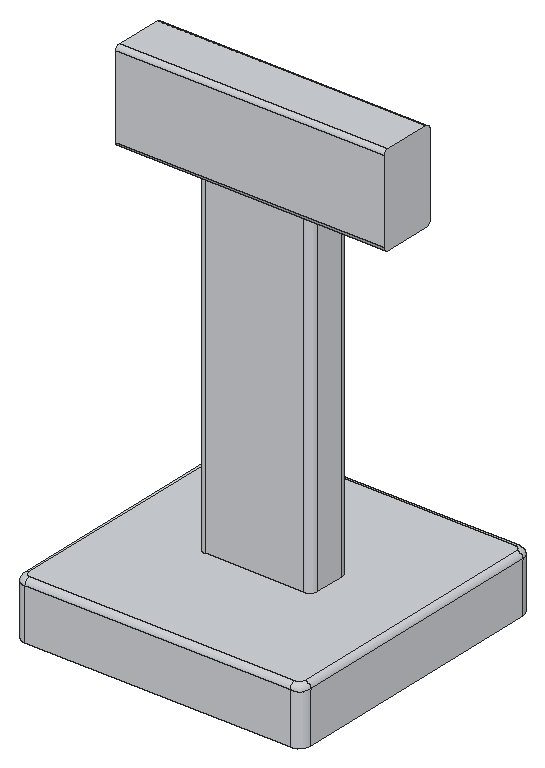
Revit family "Accessory-Robe_Hook-KOHLER-Square-K-23290", category Specialty Equipment, host Face, Revit 2017
Family settings
  Host = Face
  Round Connector Dimension = Use Diameter
  Part Type = Normal
  OmniClass Number = 23.31.25.27
  OmniClass Title = Robe Hooks
  Cut with Voids When Loaded = No
  Shared = No
  Room Calculation Point = No
Parameters (values of type "CP-Polished Chrome")
  Width = 2"  # constant formula
  WaterSense Certified = 1 = 0  # no
  URL = "https://www.us.kohler.com/us/"
  Type = 1
  Product Page URL = "http://www.us.kohler.com/us/catalog/productDetails.jsp?productId=23290"
  Product Name = "Square"  # constant formula
  Product Documentation Link = "https://www.us.kohler.com/webassets/kpna/catalog/pdf/en/K-23290_spec_US-CA_Kohler_en.pdf"
  Model = if(Type = 1, "K-23290-CP", if(Type = 2, "K-23290-BN", "NA"))  # "K-23290-CP"
  Material = "Premium Metal Construction"  # constant formula
  Master Format 2014 Name = "Toilet, Bath, and Laundry Accessories"  # constant formula
  Master Format 2014 = "10 28 00"  # constant formula
  Manufacturer Address = "444 Highland Dr, Kohler, WI 53044"  # constant formula
  Manufacturer = "KOHLER Co."  # constant formula
  Length = 3 3/8"  # constant formula
  Height = 2"  # constant formula
  Finish = Kohler-Metal-CP-Polished_Chrome
  Environmental Product Declaration = ""
  Description = "robe hook"  # constant formula
  Default Elevation = 42"
  Declare Label = ""
  Date Modified = "06/10/2020"  # constant formula
  Date Created = "06/10/2020"  # constant formula
  Copyright = "Copyright KOHLER Co."  # constant formula
  Contact Us = "https://www.us.kohler.com/us/static/contact.jsp"
  Assembly Code = "C1030200"
  ADA Compliant = 1 = 0  # no
Types (3): name | Type | Model | Finish
  (no name) | 1 | "K-23290-CP" | Kohler-Metal-CP-Polished_Chrome
  CP-Polished Chrome | 1 | "K-23290-CP" | Kohler-Metal-CP-Polished_Chrome
  BN-Vibrant Brushed Nickel | 2 | "K-23290-BN" | Kohler-Metal-BN-Vibrant_Brushed_Nickel
Reference planes (in)
  plane 1 "Center (Front/Back)": y = 0
  plane 2: z = 0
  plane 3 "Center (Left/Right)": x = 0
  plane 4: x = -1
  plane 5: x = 1
  plane 6: y = 1
  plane 7: y = -1
  plane 8: z = 3.375
  plane 9: x = -0.9375
  plane 10: x = 0.9375
Dimensions and locks (in)
  "Width": plane 4 to plane 5
  "Height": plane 7 to plane 6
  "Length": level to plane 8
  locked: plane 10 to plane 9 at 1.875
  aligned and locked: plane 2 to host face
  aligned and locked: level to host face
Automatic sketch dimensions
  host sketch curve to host sketch curve = 96"  (x2)
Nested families (in)
  nested 1: "K-23290" at (0, 0, 0), type "K-23290"
Definition of nested family "K-23290"
  Parameters (values of type "K-23290")
    Material = none
  Reference planes (in)
    plane 1 "Center (Front/Back)": y = 0
    plane 2: z = 0
    plane 3 "Center (Left/Right)": x = 0
    plane 4: y = 1
    plane 5: y = -1
    plane 6: x = -0.9375
    plane 7: x = -1
    plane 8: x = 0.9375
    plane 9: x = 1
    plane 10: z = 3.375
  Forms (in)
    Sweep 1, solid, material <- "Material", detail levels medium+fine
      path origin (0, 0, 0) x (1, 0, 0) y (0, 1, 0)
        loop
          arc (1.00394, 0.92581) -> (0.98105, 0.98105) -> (0.92581, 1.00394) r 0.07813
          line (0.92581, 1.00394) -> (-0.92581, 1.00394)
          arc (-0.92581, 1.00394) -> (-0.98105, 0.98105) -> (-1.00394, 0.92581) r 0.07813
          line (-1.00394, 0.92581) -> (-1.00394, -0.92581)
          arc (-1.00394, -0.92581) -> (-0.98105, -0.98105) -> (-0.92581, -1.00394) r 0.07813
          line (-0.92581, -1.00394) -> (0.92581, -1.00394)
          arc (0.92581, -1.00394) -> (0.98105, -0.98105) -> (1.00394, -0.92581) r 0.07813
          line (1.00394, -0.92581) -> (1.00394, 0.92581)
      profile origin (1.00394, 0, 0) x (1, 0, 0) y (0, 0, 1)
        loop
          arc (0, 0.35433) -> (-0.01153, 0.38217) -> (-0.03937, 0.3937) r 0.03937
          line (-0.03937, 0.3937) -> (-0.07097, 0.3937) -> (-0.07097, 0) -> (0, 0) -> (0, 0.35433)
    Extrusion 2, solid, material <- "Material", detail levels medium+fine
      sketch origin (0, 0, 0.3937) x (1, 0, 0) y (0, 1, 0)
        loop
          arc (0.34449, -0.15748) -> (0.38346, -0.14134) -> (0.39961, -0.10236) r 0.05512
          line (0.39961, -0.10236) -> (0.39961, 0.10236)
          arc (0.39961, 0.10236) -> (0.38346, 0.14134) -> (0.34449, 0.15748) r 0.05512
          line (0.34449, 0.15748) -> (-0.34449, 0.15748)
          arc (-0.34449, 0.15748) -> (-0.38346, 0.14134) -> (-0.39961, 0.10236) r 0.05512
          line (-0.39961, 0.10236) -> (-0.39961, -0.10236)
          arc (-0.39961, -0.10236) -> (-0.38346, -0.14134) -> (-0.34449, -0.15748) r 0.05512
          line (-0.34449, -0.15748) -> (0.34449, -0.15748)
      from 0 to 2.35
    Extrusion 3, solid, material <- "Material", detail levels medium+fine
      sketch origin (0, 0, 0) x (0, 1, 0) y (0, 0, 1)
        loop
          arc (-0.16648, 3.375) -> (-0.18796, 3.36611) -> (-0.19685, 3.34463) r 0.03037
          line (-0.19685, 3.34463) -> (-0.19685, 2.77008)
          arc (-0.19685, 2.77008) -> (-0.18803, 2.75252) -> (-0.17047, 2.7437) r 0.03125
          line (-0.17047, 2.7437) -> (0.17199, 2.7437)
          arc (0.17199, 2.7437) -> (0.18825, 2.7523) -> (0.19685, 2.76856) r 0.03125
          line (0.19685, 2.76856) -> (0.19685, 3.34197)
          arc (0.19685, 3.34197) -> (0.18718, 3.36533) -> (0.16382, 3.375) r 0.03303
          line (0.16382, 3.375) -> (-0.16648, 3.375)
      from -0.9375 to 0.9375
    Extrusion 4, solid, material <- "Material", detail levels medium+fine
      sketch origin (0, 0, 0) x (1, 0, 0) y (0, 1, 0)
        loop
          line (-0.95249, 0.95249) -> (-0.95249, -0.95249) -> (0.95249, -0.95249) -> (0.95249, 0.95249) -> (-0.95249, 0.95249)
      from 0 to 0.3937
    Extrusion 5, solid, material <- "Material", detail levels coarse
      sketch origin (0, 0, 0) x (1, 0, 0) y (0, 1, 0)
        loop
          line (-1.00394, -1) -> (1.00394, -1) -> (1.00394, 1.00394) -> (-1.00394, 1.00394) -> (-1.00394, -1)
      from 0 to 0.3937
    Extrusion 6, solid, material <- "Material", detail levels coarse
      sketch origin (0, 0, 0.3937) x (1, 0, 0) y (0, 1, 0)
        loop
          line (-0.39961, -0.15748) -> (0.39961, -0.15748) -> (0.39961, 0.15748) -> (-0.39961, 0.15748) -> (-0.39961, -0.15748)
      from 0 to 2.35
    Extrusion 7, solid, material <- "Material", detail levels coarse
      sketch origin (0, 0, 0) x (0, 1, 0) y (0, 0, 1)
        loop
          line (-0.19685, 3.375) -> (-0.19685, 2.7437) -> (0.19685, 2.7437) -> (0.19685, 3.375) -> (-0.19685, 3.375)
      from -0.9375 to 0.9375
  Cuts and joins
    joined: Sweep 1, Extrusion 2, Extrusion 3, Extrusion 4
    joined: Extrusion 5, Extrusion 6, Extrusion 7
  Lines and regions (in)
    Masking region 1
      outline origin (0, 0, 0) x (1, 0, 0) y (0, 1, 0)
        loop
          line (0.92188, 1) -> (-0.92187, 1)
          arc (-0.92187, 1) -> (-0.97712, 0.97712) -> (-1, 0.92187) r 0.07813
          line (-1, 0.92187) -> (-1, -0.92188)
          arc (-1, -0.92188) -> (-0.97712, -0.97712) -> (-0.92187, -1) r 0.07813
          line (-0.92187, -1) -> (0.92188, -1)
          arc (0.92188, -1) -> (0.97712, -0.97712) -> (1, -0.92188) r 0.07812
          line (1, -0.92188) -> (1, 0.92187)
          arc (1, 0.92187) -> (0.97712, 0.97712) -> (0.92188, 1) r 0.07813
    Masking region 2
      outline origin (0, 0, 0) x (1, 0, 0) y (0, 0, 1)
        loop
          line (-0.9375, 3.35156) -> (-0.9375, 2.76714)
          arc (-0.9375, 2.76714) -> (-0.93064, 2.75057) -> (-0.91406, 2.7437) r 0.02344
          line (-0.91406, 2.7437) -> (-0.39961, 2.7437) -> (-0.39961, 0.3937) -> (-0.95215, 0.3937)
          arc (-0.95215, 0.3937) -> (-0.9854, 0.3851) -> (-1, 0.35402) r 0.04038
          line (-1, 0.35402) -> (-1, 0) -> (0, 0) -> (1, 0) -> (1, 0.35402)
          arc (1, 0.35402) -> (0.9854, 0.3851) -> (0.95215, 0.3937) r 0.04038
          line (0.95215, 0.3937) -> (0.39961, 0.3937) -> (0.39961, 2.7437) -> (0.91406, 2.7437)
          arc (0.91406, 2.7437) -> (0.93064, 2.75057) -> (0.9375, 2.76714) r 0.02344
          line (0.9375, 2.76714) -> (0.9375, 3.35156)
          arc (0.9375, 3.35156) -> (0.93064, 3.36814) -> (0.91406, 3.375) r 0.02344
          line (0.91406, 3.375) -> (0, 3.375) -> (-0.91406, 3.375)
          arc (-0.91406, 3.375) -> (-0.93064, 3.36814) -> (-0.9375, 3.35156) r 0.02344
    Masking region 3
      outline origin (0, 0, 0) x (0, 1, 0) y (0, 0, 1)
        loop
          line (0.19685, 2.76856) -> (0.19685, 3.34197)
          arc (0.19685, 3.34197) -> (0.18718, 3.36533) -> (0.16382, 3.375) r 0.03303
          line (0.16382, 3.375) -> (-0.00133, 3.375) -> (-0.16382, 3.375)
          arc (-0.16382, 3.375) -> (-0.18718, 3.36533) -> (-0.19685, 3.34197) r 0.03303
          line (-0.19685, 3.34197) -> (-0.19685, 2.76856)
          arc (-0.19685, 2.76856) -> (-0.18251, 2.74777) -> (-0.15748, 2.74438) r 0.03125
          line (-0.15748, 2.74438) -> (-0.15748, 0.3937) -> (-0.96471, 0.3937)
          arc (-0.96471, 0.3937) -> (-0.98548, 0.38777) -> (-1, 0.37178) r 0.03937
          line (-1, 0.37178) -> (-1, 0) -> (-0.00226, 0) -> (1, 0) -> (1, 0.37178)
          arc (1, 0.37178) -> (0.98548, 0.38777) -> (0.96471, 0.3937) r 0.03937
          line (0.96471, 0.3937) -> (0.15748, 0.3937) -> (0.15748, 2.74438)
          arc (0.15748, 2.74438) -> (0.18251, 2.74777) -> (0.19685, 2.76856) r 0.03125
    symbolic lines, detail levels medium+fine
      curve 1: line (0.91406, 0.19685, 0) -> (-0.91406, 0.19685, 0)
      curve 2: line (-0.91406, -0.19685, 0) -> (0.91406, -0.19685, 0)
      curve 3: line (0.9375, -0.17341, 0) -> (0.9375, 0.17341, 0)
      curve 4: line (-0.9375, 0.17341, 0) -> (-0.9375, -0.17341, 0)
      curve 5: line (-0.39961, 0, 2.7437) -> (0.39961, 0, 2.7437)
      curve 6: line (-0.39961, 0, 0.3937) -> (0.39961, 0, 0.3937)
      curve 7: line (0, 0.15748, 2.7437) -> (0, -0.16031, 2.7437)
      curve 8: line (0, 0.15748, 0.3937) -> (0, -0.15748, 0.3937)
      curve 9: arc (-0.91406, 0.19685, 0) -> (-0.93064, 0.18999, 0) -> (-0.9375, 0.17341, 0) r 0.02344
      curve 10: arc (-0.9375, -0.17341, 0) -> (-0.93064, -0.18999, 0) -> (-0.91406, -0.19685, 0) r 0.02344
      curve 11: arc (0.9375, 0.17341, 0) -> (0.93064, 0.18999, 0) -> (0.91406, 0.19685, 0) r 0.02344
      curve 12: arc (0.91406, -0.19685, 0) -> (0.93064, -0.18999, 0) -> (0.9375, -0.17341, 0) r 0.02344
  Dimensions and locks (in)
    plane 10 to level = 3 3/8"
    plane 8 to plane 6 = 1 7/8"
    plane 4 to plane 5 = 2"
    aligned and locked: plane 2 to level
